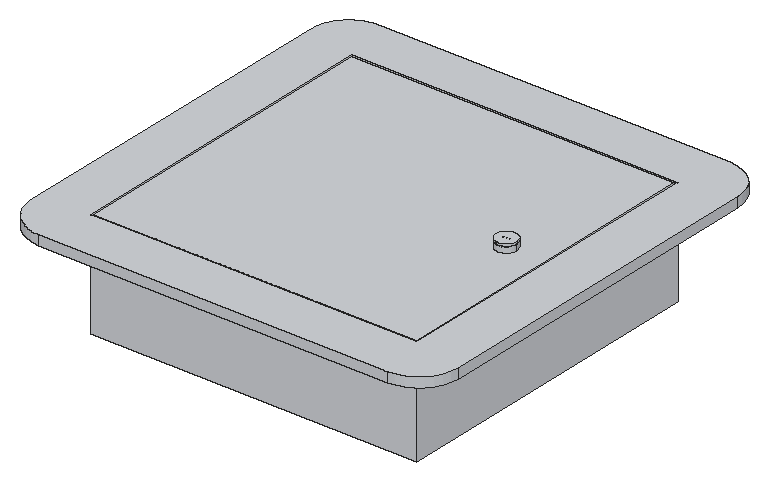
Revit family "MFRU", category Generic Models, host Face, Revit 2018
Family settings
  Host = Face
  Can host rebar = No
  Round Connector Dimension = Use Diameter
  Part Type = Normal
  Cut with Voids When Loaded = No
  Shared = No
  Room Calculation Point = No
Parameters (values of type "MFRU-8” x 8”")
  Width = 0' - 8"
  URL = "WWW.MIFAB.COM"
  Model = "MFRU-12” x 12”"
  Material = none
  Manufacturer = "MIFAB"
  Height = 0' - 8"
  Description = "UNINSULATED FIRE RATED ACCESS DOOR"
  Default Elevation = 4' - 0"
Types (19): name | Width | Height
  (no name) | 0' - 8" | 0' - 8"
  MFRU-12” x 12” | 1' - 0" | 1' - 0"
  MFRU-8” x 8” | 0' - 8" | 0' - 8"
  MFRU-10” x 10” | 0' - 10" | 0' - 10"
  MFRU-12” x 18” | 1' - 0" | 1' - 6"
  MFRU-12” x 24” | 1' - 0" | 2' - 0"
  MFRU-14” x 14” | 1' - 2" | 1' - 2"
  MFRU-16” x 16” | 1' - 4" | 1' - 4"
  MFRU-18” x 18” | 1' - 6" | 1' - 6"
  MFRU-20” x 20” | 1' - 8" | 1' - 8"
  MFRU-22” x 22” | 1' - 10" | 1' - 10"
  MFRU-22” x 30” | 1' - 10" | 2' - 6"
  MFRU-24” x 24” | 2' - 0" | 2' - 0"
  MFRU-24” x 36” | 2' - 0" | 3' - 0"
  MFRU-24” x 48” | 2' - 0" | 4' - 0"
  MFRU-30” x 30” | 2' - 6" | 2' - 6"
  MFRU-32” x 32” | 2' - 8" | 2' - 8"
  MFRU-36” x 36” | 3' - 0" | 3' - 0"
  MFRU-36” x 48” | 3' - 0" | 4' - 0"
Reference planes (in)
  plane 1 "Center (Front/Back)": y = 0
  plane 2: z = 0
  plane 3 "Center (Left/Right)": x = 0
  plane 4: x = -4
  plane 5: x = 4
  plane 6: y = 4
  plane 7: y = -4
  plane 8: x = -5.25
  plane 9: x = 5.25
  plane 10: y = -5.25
  plane 11: y = 5.25
  plane 12: z = -3.76378
  plane 13: z = 0.23622
  plane 14: z = 0.10148
  plane 15: z = -2.38878
  plane 16: y = 3.95605
  plane 17: y = -3.96063
  plane 18: x = -3.96063
  plane 19: x = 3.96063
  plane 20: z = -1.76378
Forms (in)
  Extrusion 1, solid, material <- "Material"
    sketch origin (0, 0, 0) x (1, 0, 0) y (0, 1, 0)
      loop
        line (-4, 4) -> (-4, -4) -> (4, -4) -> (4, 4) -> (-4, 4)
      loop
        line (3.96063, 3.95605) -> (-3.96063, 3.95605) -> (-3.96063, -3.96063) -> (3.96063, -3.96063) -> (3.96063, 3.95605)
    from -2.38878 to 0
  Extrusion 2, void
    sketch origin (0, 0, 0) x (1, 0, 0) y (0, 1, 0)
      loop
        line (-4.25, 4.25) -> (-4.25, -4.25) -> (4.25, -4.25) -> (4.25, 4.25) -> (-4.25, 4.25)
    from -2.38878 to 0.23622
  Extrusion 3, solid, material <- "Material"
    sketch origin (0, 0, 0) x (1, 0, 0) y (0, 1, 0)
      loop
        line (-3.96063, 3.95605) -> (-3.96063, -3.96063) -> (3.96063, -3.96063) -> (3.96063, 3.95605) -> (-3.96063, 3.95605)
    from -1.76378 to 0.23622
  Extrusion 4, solid, material <- "Material"
    sketch origin (0, 0, 0) x (1, 0, 0) y (0, 1, 0)
      loop
        line (-4, 4) -> (-4, -4) -> (4, -4) -> (4, 4) -> (-4, 4)
      loop
        arc (5.25, 4.28426) -> (4.96714, 4.96714) -> (4.28426, 5.25) r 0.96574
        line (4.28426, 5.25) -> (-4.28516, 5.25)
        arc (-4.28516, 5.25) -> (-4.9674, 4.9674) -> (-5.25, 4.28516) r 0.96484
        line (-5.25, 4.28516) -> (-5.25, -4.28516)
        arc (-5.25, -4.28516) -> (-4.9674, -4.9674) -> (-4.28516, -5.25) r 0.96484
        line (-4.28516, -5.25) -> (4.28516, -5.25)
        arc (4.28516, -5.25) -> (4.9674, -4.9674) -> (5.25, -4.28516) r 0.96484
        line (5.25, -4.28516) -> (5.25, 4.28426)
    from 0 to 0.23622
Dimensions and locks (in)
  equal spacing: plane 7, plane 1 "Center (Front/Back)", plane 6
  locked: plane 11 to plane 6 at 1.25
  locked: plane 7 to plane 10 at 1.25
  "Height": plane 7 to plane 6
  equal spacing: plane 4, plane 3 "Center (Left/Right)", plane 5
  "Width": plane 4 to plane 5
  locked: plane 8 to plane 4 at 1.25
  locked: plane 5 to plane 9 at 1.25
  locked: plane 7 to Extrusion 1 sketch curve at 0.03937
  locked: plane 6 to Extrusion 1 sketch curve at 0.04395
  locked: Extrusion 1 sketch curve to plane 5 at 0.03937
  locked: plane 4 to Extrusion 1 sketch curve at 0.03937
  locked: plane 13 to plane 2 at 0.23622
  locked: plane 13 to plane 14 at 0.13474
  locked: Extrusion 4 sketch curve to plane 11 at 0.96574
  locked: Extrusion 4 sketch curve to plane 9 at 0.96574
  locked: Extrusion 4 sketch curve to plane 9 at 0.96484
  locked: Extrusion 4 sketch curve to plane 10 at 0.96484  (x2)
  locked: plane 8 to Extrusion 4 sketch curve at 0.96484  (x2)
  locked: Extrusion 4 sketch curve to plane 11 at 0.96484
  locked: plane 13 to plane 15 at 2.625
  locked: plane 6 to plane 16 at 0.04395
  locked: plane 7 to plane 17 at 0.03937
  locked: plane 4 to plane 18 at 0.03937
  locked: plane 19 to plane 5 at 0.03937
  locked: Extrusion 4 to plane 20 at 2
  locked: Extrusion 2 sketch curve to plane 4 at 0.25
  locked: Extrusion 2 sketch curve to plane 6 at 0.25
  locked: Extrusion 2 sketch curve to plane 7 at 0.25
  locked: plane 5 to Extrusion 2 sketch curve at 0.25
  locked: Extrusion 4 to plane 15 at 2.625
  locked: nested 1 to plane 5 at 1
  aligned and locked: plane 2 to host face
  aligned and locked: level to host face
  aligned and locked: Extrusion 1 sketch curve to plane 4
  aligned and locked: Extrusion 1 sketch curve to plane 6
  aligned and locked: plane 5 to Extrusion 1 sketch curve
  aligned and locked: plane 7 to Extrusion 1 sketch curve
  aligned and locked: Extrusion 4 sketch curve to plane 4
  aligned and locked: plane 5 to Extrusion 4 sketch curve
  aligned and locked: plane 7 to Extrusion 4 sketch curve
  aligned and locked: Extrusion 4 sketch curve to plane 6
  aligned and locked: plane 9 to Extrusion 4 sketch curve
  aligned and locked: Extrusion 4 sketch curve to plane 8
  aligned and locked: Extrusion 4 sketch curve to plane 10
  aligned and locked: Extrusion 4 to plane 2
  aligned and locked: plane 13 to Extrusion 4
  aligned and locked: level to Extrusion 1
  aligned and locked: Extrusion 1 to plane 15
  aligned and locked: plane 19 to Extrusion 3 sketch curve
  aligned and locked: Extrusion 3 sketch curve to plane 16
  aligned and locked: Extrusion 3 sketch curve to plane 18
  aligned and locked: plane 17 to Extrusion 3 sketch curve
  aligned and locked: Extrusion 2 to Extrusion 1
  aligned and locked: plane 13 to Extrusion 2
  aligned and locked: Extrusion 3 to plane 20
  aligned and locked: plane 13 to Extrusion 3
  aligned and locked: plane 1 "Center (Front/Back)" to nested 1
Automatic sketch dimensions
  host sketch curve to host sketch curve = 4' - 3.38156"
  host sketch curve to host sketch curve = 5' - 2.28548"
Nested families (in)
  nested 1: "Handle" at (3, 0, 0.23622), type "Handle"
Definition of nested family "Handle"
  Parameters (values of type "Handle")
    Material = none
    Default Elevation = 4' - 0"
  Reference planes (in)
    plane 1 "Center (Front/Back)": y = 0
    plane 2: z = 0
    plane 3 "Center (Left/Right)": x = 0
    plane 4: z = 0.46152
  Forms (in)
    Extrusion 1, solid
      sketch origin (0, 0, 0) x (1, 0, 0) y (0, 1, 0)
        loop
          line (-48, 48) -> (-48, -48) -> (48, -48) -> (48, 48) -> (-48, 48)
      from 0 to -12
    Revolve 2, solid
      sketch origin (0, 0, 0) x (1, 0, 0) y (0, 0, 1)
        loop
          line (0, 0) -> (0.25, 0) -> (0.25, 0.12907)
          arc (0.25, 0.12907) -> (0.24341, 0.14499) -> (0.22749, 0.15158) r 0.02251
          line (0.22749, 0.15158) -> (0, 0.15158) -> (0, 0)
        axis (0, 0) -> (0, 0.15158)
      angle from 0 to 360
    Extrusion 3, solid
      sketch origin (-3.78692, 0, -0.49918) x (1, 0, 0) y (0, 1, 0)
        loop
          circle (3.78692, 0) r 0.25
        loop
          line (3.70895, 0.01538) -> (3.70895, -0.01537) -> (3.86488, -0.01537) -> (3.86488, 0.01538) -> (3.70895, 0.01538)
      from 0.64964 to 0.6877
  Dimensions and locks (in)
    aligned and locked: plane 2 to Extrusion 1
    aligned and locked: level to Extrusion 1
